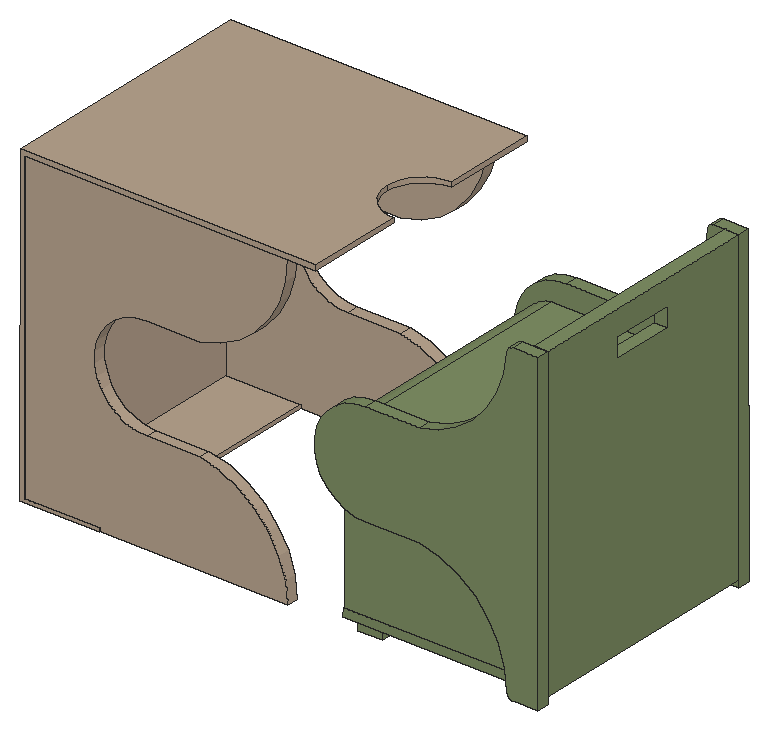
Revit family "P'kolino Klick Desk & Chair kindergarden kids ", category Furniture, Revit 2020
Family settings
  OmniClass Number = 23.40.20.00
  OmniClass Title = General Furniture and Specialties
  Work Plane-Based = Yes
  Always vertical = Yes
  Cut with Voids When Loaded = No
  Shared = No
  Room Calculation Point = No
Parameters
  Default Elevation = 121.92 cm
Reference planes (cm)
  plane 1 "Center (Front/Back)": y = 0
  plane 2: z = 0
  plane 3 "Center (Left/Right)": x = 0
Lines and regions (cm)
  Masking region 1
    outline origin (0, 0, 0) x (1, 0, 0) y (0, 1, 0)
      loop
        line (23.0247, -23.9818) -> (23.0247, 19.1618) -> (-25.4753, 19.1618) -> (-25.4753, -23.9818) -> (23.0247, -23.9818)
Dimensions and locks (cm)
  aligned and locked: level to plane 2
Nested families (cm)
  nested 1: "square_Chair_ 2 de 2" at (33.523, -2.41, 0.1077), type "square_Chair_ green"
  nested 2: "square_Desk" at (-2.82, -2.41, 0.1077), type "square_Chair_ 1 de 2.0006"
Definition of nested family "square_Chair_ 2 de 2"
  Parameters
    under kid chair = none
    chair paint = none
    Default Elevation = 0 cm
  Reference planes (cm)
    plane 1 "Center (Front/Back)": y = 0
    plane 2: z = 0
    plane 3 "Center (Left/Right)": x = 0
  Forms (cm)
    Sweep 1, solid, material <- "chair paint"
      path origin (3.85, 0, 0) x (-1, 0, 0) y (0, 1, 0)
        loop
          line (-14, -19.5718) -> (-14, 19.5718)
      profile origin (17.85, 0, 0) x (-1, 0, 0) y (0, 0, 1)
        loop
          line (-7.9948, 51.879) -> (-7.9948, 1.079) -> (25.5669, 1.079)
          arc (25.5669, 1.079) -> (25.5314, 1.8079) -> (25.4252, 2.53) r 7.5
          line (25.4252, 2.53) -> (-5.8764, 2.53) -> (-5.8764, 29.24) -> (22.5107, 29.24)
          arc (22.5107, 29.24) -> (25.0289, 26.7966) -> (23.4052, 23.6861) r 2.9346
          arc (23.4052, 23.6861) -> (22.9383, 22.3512) -> (24.2733, 21.8843) r 1
          arc (24.2733, 21.8843) -> (26.9912, 27.1869) -> (22.6236, 31.24) r 4.9346
          line (22.6236, 31.24) -> (-5.8764, 31.24) -> (-5.8764, 51.879) -> (-7.9948, 51.879)
    SweptBlend 2, solid, material <- "chair paint"
      path origin (-0.3405, 1.9172, 0) x (1, 0, 0) y (0, -1, 0)
        loop
          line (-10.4948, -19.6546) -> (-10.4948, -17.6546)
      profile origin (-10.8353, 21.5718, 0) x (1, 0, 0) y (0, 0, 1)
        loop
          line (36.68, 51.879) -> (32.68, 51.879)
          arc (32.68, 51.879) -> (31.9137, 51.5377) -> (31.6546, 50.7399) r 1.0311
          arc (31.6546, 50.7399) -> (27.2868, 40.222) -> (17.2867, 34.7723) r 17.1183
          line (17.2867, 34.7723) -> (8.5, 34.7723)
          arc (8.5, 34.7723) -> (0, 26.2723) -> (8.5, 17.7723) r 8.5
          line (8.5, 17.7723) -> (17.2867, 17.7723)
          arc (17.2867, 17.7723) -> (27.6236, 11.9367) -> (31.6798, 0.7808) r 17.1183
          arc (31.6798, 0.7808) -> (32.0455, 0.2183) -> (32.68, 0) r 1.0311
          line (32.68, 0) -> (36.68, 0) -> (36.68, 51.879)
      end profile origin (-10.8353, 19.5718, 0) x (1, 0, 0) y (0, 0, 1)
        loop
          line (36.68, 51.879) -> (32.68, 51.879)
          arc (32.68, 51.879) -> (31.9137, 51.5377) -> (31.6546, 50.7399) r 1.0311
          arc (31.6546, 50.7399) -> (27.2868, 40.222) -> (17.2867, 34.7723) r 17.1183
          line (17.2867, 34.7723) -> (8.5, 34.7723)
          arc (8.5, 34.7723) -> (0, 26.2723) -> (8.5, 17.7723) r 8.5
          line (8.5, 17.7723) -> (17.2867, 17.7723)
          arc (17.2867, 17.7723) -> (27.6236, 11.9367) -> (31.6798, 0.7808) r 17.1183
          arc (31.6798, 0.7808) -> (32.0455, 0.2183) -> (32.68, 0) r 1.0311
          line (32.68, 0) -> (36.68, 0) -> (36.68, 51.879)
    Extrusion 3, solid, material <- "under kid chair"
      sketch origin (45.8447, -38, 0) x (1, 0, 0) y (0, 1, 0)
        loop
          line (-20.6532, 59.1171) -> (-23.3324, 59.1171) -> (-23.3324, 58.2054) -> (-20.6532, 58.2054) -> (-20.6532, 59.1171)
      from -0.1077 to 0
    Extrusion 4, void
      sketch origin (0, 4.2957, 0) x (1, 0, 0) y (0, 1, 0)
        loop
          line (15.4652, 0.7043) -> (15.4652, -9.7521) -> (29.4652, -9.7521) -> (29.4652, 0.7043) -> (15.4652, 0.7043)
      from 44.5883 to 47.7573
    SweptBlend 5, solid, material <- "chair paint"
      path origin (-0.3405, 37.4764, 0) x (1, 0, 0) y (0, 1, 0)
        loop
          line (-10.4948, -19.4046) -> (-10.4948, -17.9046)
      profile origin (-10.8353, 18.0718, 0) x (-1, 0, 0) y (0, 0, 1)
        loop
          line (-34.5616, 2.53) -> (-3.4486, 2.53) -> (-3.4486, 29.24) -> (-34.5616, 29.24) -> (-34.5616, 2.53)
      end profile origin (-10.8353, 19.5718, 0) x (-1, 0, 0) y (0, 0, 1)
        loop
          line (-34.5616, 2.53) -> (-3.4486, 2.53) -> (-3.4486, 29.24) -> (-34.5616, 29.24) -> (-34.5616, 2.53)
    Extrusion 6, solid, material <- "chair paint"
      sketch origin (0, 0, 0) x (1, 0, 0) y (0, 0, 1)
        loop
          line (-5.1849, 1.079) -> (-5.1849, 0) -> (-1.1849, 0) -> (-1.1849, 1.079) -> (-5.1849, 1.079)
      from -19.5718 to -18.0718
    Extrusion 7, solid, material <- "under kid chair"
      sketch origin (18.8151, -39.8395, 0) x (1, 0, 0) y (0, 1, 0)
        loop
          line (-20.6532, 59.1171) -> (-23.3324, 59.1171) -> (-23.3324, 58.2054) -> (-20.6532, 58.2054) -> (-20.6532, 59.1171)
      from -0.1077 to 0
    SweptBlend 8, solid, material <- "chair paint"
      path origin (-0.3405, -0.1672, 0) x (1, 0, 0) y (0, 1, 0)
        loop
          line (-10.4948, -19.4046) -> (-10.4948, -17.9046)
      profile origin (-10.8353, -19.5718, 0) x (-1, 0, 0) y (0, 0, 1)
        loop
          line (-34.5616, 2.53) -> (-3.4486, 2.53) -> (-3.4486, 29.24) -> (-34.5616, 29.24) -> (-34.5616, 2.53)
      end profile origin (-10.8353, -18.0718, 0) x (-1, 0, 0) y (0, 0, 1)
        loop
          line (-34.5616, 2.53) -> (-3.4486, 2.53) -> (-3.4486, 29.24) -> (-34.5616, 29.24) -> (-34.5616, 2.53)
    Extrusion 9, solid, material <- "chair paint"
      sketch origin (0, -37.6436, 0) x (1, 0, 0) y (0, 0, 1)
        loop
          line (-5.1849, 1.079) -> (-5.1849, 0) -> (-1.1849, 0) -> (-1.1849, 1.079) -> (-5.1849, 1.079)
      from -19.5718 to -18.0718
    Extrusion 10, solid, material <- "under kid chair"
      sketch origin (18.8151, -77.4831, 0) x (1, 0, 0) y (0, 1, 0)
        loop
          line (-20.6532, 59.1171) -> (-23.3324, 59.1171) -> (-23.3324, 58.2054) -> (-20.6532, 58.2054) -> (-20.6532, 59.1171)
      from -0.1077 to 0
    Extrusion 11, solid, material <- "under kid chair"
      sketch origin (45.8447, -79.2143, 0) x (1, 0, 0) y (0, 1, 0)
        loop
          line (-20.6532, 59.1171) -> (-23.3324, 59.1171) -> (-23.3324, 58.2054) -> (-20.6532, 58.2054) -> (-20.6532, 59.1171)
      from -0.1077 to 0
    SweptBlend 12, solid, material <- "chair paint"
      path origin (-0.3405, -39.2264, 0) x (1, 0, 0) y (0, -1, 0)
        loop
          line (-10.4948, -19.6546) -> (-10.4948, -17.6546)
      profile origin (-10.8353, -19.5718, 0) x (1, 0, 0) y (0, 0, 1)
        loop
          line (36.68, 51.879) -> (32.68, 51.879)
          arc (32.68, 51.879) -> (31.9137, 51.5377) -> (31.6546, 50.7399) r 1.0311
          arc (31.6546, 50.7399) -> (27.2868, 40.222) -> (17.2867, 34.7723) r 17.1183
          line (17.2867, 34.7723) -> (8.5, 34.7723)
          arc (8.5, 34.7723) -> (0, 26.2723) -> (8.5, 17.7723) r 8.5
          line (8.5, 17.7723) -> (17.2867, 17.7723)
          arc (17.2867, 17.7723) -> (27.6236, 11.9367) -> (31.6798, 0.7808) r 17.1183
          arc (31.6798, 0.7808) -> (32.0455, 0.2183) -> (32.68, 0) r 1.0311
          line (32.68, 0) -> (36.68, 0) -> (36.68, 51.879)
      end profile origin (-10.8353, -21.5718, 0) x (1, 0, 0) y (0, 0, 1)
        loop
          line (36.68, 51.879) -> (32.68, 51.879)
          arc (32.68, 51.879) -> (31.9137, 51.5377) -> (31.6546, 50.7399) r 1.0311
          arc (31.6546, 50.7399) -> (27.2868, 40.222) -> (17.2867, 34.7723) r 17.1183
          line (17.2867, 34.7723) -> (8.5, 34.7723)
          arc (8.5, 34.7723) -> (0, 26.2723) -> (8.5, 17.7723) r 8.5
          line (8.5, 17.7723) -> (17.2867, 17.7723)
          arc (17.2867, 17.7723) -> (27.6236, 11.9367) -> (31.6798, 0.7808) r 17.1183
          arc (31.6798, 0.7808) -> (32.0455, 0.2183) -> (32.68, 0) r 1.0311
          line (32.68, 0) -> (36.68, 0) -> (36.68, 51.879)
  Cuts and joins
    Extrusion 4 cuts Sweep 1
  Dimensions and locks (cm)
    aligned and locked: level to plane 2
Definition of nested family "square_Desk"
  Parameters
    under kid chair = none
    table = none
    Default Elevation = 0 cm
  Reference planes (cm)
    plane 1 "Center (Front/Back)": y = 0
    plane 2: z = 0
    plane 3 "Center (Left/Right)": x = 0
    plane 4 "front": y = -21.5718
    plane 5 "back": y = 21.5718
  Forms (cm)
    SweptBlend 1, solid, material <- "table"
      path origin (-1.9948, -0.0646, 0) x (1, 0, 0) y (0, 1, 0)
        loop
          line (-7, -21.5072) -> (-7, -19.59)
      profile origin (-8.9948, -21.5718, 0) x (-1, 0, 0) y (0, 0, 1)
        loop
          line (13, 1.079) -> (13, 51.879) -> (-30.1813, 51.879)
          arc (-30.1813, 51.879) -> (-26.1633, 40.6519) -> (-15.7892, 34.7723) r 17.1183
          line (-15.7892, 34.7723) -> (-7.0025, 34.7723)
          arc (-7.0025, 34.7723) -> (1.4975, 26.2723) -> (-7.0025, 17.7723) r 8.5
          line (-7.0025, 17.7723) -> (-15.7892, 17.7723)
          arc (-15.7892, 17.7723) -> (-26.0293, 12.0501) -> (-30.1813, 1.079) r 17.1183
          line (-30.1813, 1.079) -> (13, 1.079)
      end profile origin (-8.9948, -19.6546, 0) x (-1, 0, 0) y (0, 0, 1)
        loop
          line (13, 1.079) -> (13, 51.879) -> (-30.1813, 51.879)
          arc (-30.1813, 51.879) -> (-26.1633, 40.6519) -> (-15.7892, 34.7723) r 17.1183
          line (-15.7892, 34.7723) -> (-7.0025, 34.7723)
          arc (-7.0025, 34.7723) -> (1.4975, 26.2723) -> (-7.0025, 17.7723) r 8.5
          line (-7.0025, 17.7723) -> (-15.7892, 17.7723)
          arc (-15.7892, 17.7723) -> (-26.0293, 12.0501) -> (-30.1813, 1.079) r 17.1183
          line (-30.1813, 1.079) -> (13, 1.079)
    Sweep 2, solid
      path origin (0, 0, 0) x (1, 0, 0) y (0, 1, 0)
        loop
          line (25.8447, 21.5718) -> (25.8447, -21.5718)
      profile origin (25.8447, 0, 0) x (1, 0, 0) y (0, 0, 1)
        loop
          line (0, 51.879) -> (0, 52.6723) -> (-48.5, 52.6723) -> (-48.5, 1.079) -> (-35.4857, 1.079) -> (-35.4857, 1.6004) -> (-47.8395, 1.6004) -> (-47.8395, 51.879) -> (0, 51.879)
    Extrusion 3, void
      sketch origin (0, 0, 0) x (1, 0, 0) y (0, 0, 1)
        loop
          line (-6.8742, 44.5407) -> (-6.8742, 47.9295) -> (-24.8742, 47.9295) -> (-24.8742, 44.5407) -> (-6.8742, 44.5407)
      from -5.1265 to 5.2408
    Extrusion 4, solid, material <- "under kid chair"
      sketch origin (8.5555, -40, 0) x (1, 0, 0) y (0, 1, 0)
        loop
          circle (-22, 56.3838) r 2
      from 0 to 1.079
    Extrusion 5, solid, material <- "under kid chair"
      sketch origin (8.5555, 40.5, 0) x (1, 0, 0) y (0, 1, 0)
        loop
          circle (-22, -56.3838) r 2
      from 0 to 1.079
    Extrusion 6, void
      sketch origin (18.9695, -6.0506, 0) x (1, 0, 0) y (0, 1, 0)
        loop
          circle (7.0199, 6.308) r 6
      from 0 to 100
    SweptBlend 7, solid, material <- "table"
      path origin (-1.9948, 0.0646, 0) x (1, 0, 0) y (0, -1, 0)
        loop
          line (-7, -21.5072) -> (-7, -19.59)
      profile origin (-8.9948, 21.5718, 0) x (1, 0, 0) y (0, 0, 1)
        loop
          line (-13, 1.079) -> (30.1813, 1.079)
          arc (30.1813, 1.079) -> (26.0293, 12.0501) -> (15.7892, 17.7723) r 17.1183
          line (15.7892, 17.7723) -> (7.0025, 17.7723)
          arc (7.0025, 17.7723) -> (-1.4975, 26.2723) -> (7.0025, 34.7723) r 8.5
          line (7.0025, 34.7723) -> (15.7892, 34.7723)
          arc (15.7892, 34.7723) -> (26.1633, 40.6519) -> (30.1813, 51.879) r 17.1183
          line (30.1813, 51.879) -> (-13, 51.879) -> (-13, 1.079)
      end profile origin (-8.9948, 19.6546, 0) x (1, 0, 0) y (0, 0, 1)
        loop
          line (-13, 1.079) -> (30.1813, 1.079)
          arc (30.1813, 1.079) -> (26.0293, 12.0501) -> (15.7892, 17.7723) r 17.1183
          line (15.7892, 17.7723) -> (7.0025, 17.7723)
          arc (7.0025, 17.7723) -> (-1.4975, 26.2723) -> (7.0025, 34.7723) r 8.5
          line (7.0025, 34.7723) -> (15.7892, 34.7723)
          arc (15.7892, 34.7723) -> (26.1633, 40.6519) -> (30.1813, 51.879) r 17.1183
          line (30.1813, 51.879) -> (-13, 51.879) -> (-13, 1.079)
  Cuts and joins
    Extrusion 3 cuts SweptBlend 1
    Extrusion 3, Extrusion 6 cuts Sweep 2
  Dimensions and locks (cm)
    cut or joined group of Sweep 2, Extrusion 3, Extrusion 6 to cut or joined group of Sweep 2, Extrusion 3, Extrusion 6 = 10.3673 cm
    aligned and locked: level to plane 2
    aligned and locked: cut or joined group of Sweep 2, Extrusion 3, Extrusion 6 to SweptBlend 1 sketch curve
    aligned and locked: plane 5 "back" to SweptBlend 7
    aligned and locked: cut or joined group of Sweep 2, Extrusion 3, Extrusion 6 to plane 4 "front"
